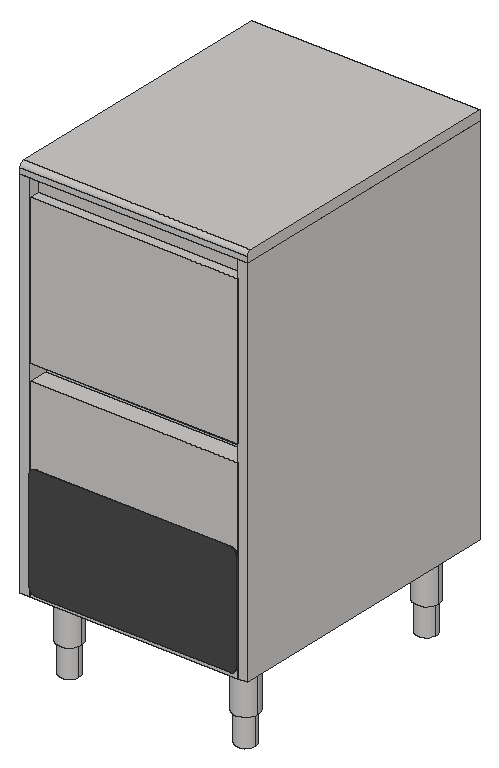
Revit family "QF_ELECTROLUXPROFESSIONAL_730327_ICC47I20SNP", category Attrezzature speciali, Revit 2018
Family settings
  Quota connettore circolare = Usa diametro
  Tipo di parte = Normale
  Basato su piano di lavoro = No
  Sempre verticale = Sì
  Taglio con vuoti quando caricato = No
  Condiviso = No
  Punto di calcolo locali = No
Parameters (values of type "Standard")
  Weight = 45.00 kg
  Watts = 0 W
  Volts = 220 V
  URL Manufacturer = "https://www.electroluxprofessional.com/"
  URL = "https://www.electroluxprofessional.com/"
  Steam Supply Size = 0 mm
  Steam Supply Minimum Pressure = 0.0 Pa
  Steam Supply Maximum Pressure = 0.0 Pa
  Steam Pounds per Hour = 0
  Show Logo [instance] = yes
  Show Clearance [instance] = yes
  Refrigeration Suction Line Size = 0 mm
  Refrigeration Liquid Line Size = 0 mm
  Refrigerant Compressor Remote = yes
  Produttore = "Electrolux Professional"
  Phase = 1
  Modello = "ICC47I20SNP"
  Length Actual = 465 mm  # constant formula
  Item Number = "730327"
  Hot Water Size = 0 mm
  Height Actual = 894 mm  # constant formula
  HP = "0 HP"
  Gas Size = 0 mm
  Gas KW = 0
  Gas Input Pressure = 0 W
  Descrizione = "AIR COOLED ICE CUBER 40GR 47KG/24H-BIN 20KG"
  Depth Actual = 595 mm  # constant formula
  Cycle = 50 Hz
  Condensate Return Size = 0 mm
  Compressed Air Volume = 0.0 L/s
  Compressed Air Size = 0 mm
  Compressed Air Pressure = 0.0 Pa
  Cold Water Size = 19.05 mm
  Accessory = yes
Reference planes
  plane 1 "Center X": y = 272.851
  plane 2: z = 0
  plane 3 "Center Y": x = -501.5
  plane 4 "LEFT": x = -734
  plane 5 "RIGHT": x = -269
  plane 6 "FRONT": y = -24.149
  plane 7 "BACK": y = 569.851
  plane 8: z = 155
  plane 9: z = 944
  plane 10: z = 924
  plane 11: x = -714
  plane 12: x = -289
  plane 13: y = 15.851
Forms (mm)
  Extrusion 1, solid, material "QF_Finishes_Black"
    sketch origin (-217.296, -24.149, 371.513) x (-1, 0, 0) y (0, 0, -1)
      loop
        arc (481.704, -21.487) -> (492.311, -17.093) -> (496.704, -6.487) r 15
        line (496.704, -6.487) -> (496.704, 194.469)
        arc (496.704, 194.469) -> (492.311, 205.075) -> (481.704, 209.469) r 15
        line (481.704, 209.469) -> (86.704, 209.469)
        arc (86.704, 209.469) -> (76.097, 205.075) -> (71.704, 194.469) r 15
        line (71.704, 194.469) -> (71.704, -6.487)
        arc (71.704, -6.487) -> (76.097, -17.093) -> (86.704, -21.487) r 15
        line (86.704, -21.487) -> (481.704, -21.487)
    from 0 to 2
  Extrusion 2, solid, material "QF_Finishes_Stainless Steel"
    sketch origin (-501.5, 0, 0) x (0, 1, 0) y (0, 0, 1)
      loop
        line (569.851, 924) -> (569.851, 944) -> (-14.149, 944)
        arc (-14.149, 944) -> (-21.22, 941.071) -> (-24.149, 934) r 10
        line (-24.149, 934) -> (-24.149, 924) -> (569.851, 924)
    from -232.5 to 232.5
  Extrusion 3, solid, material "QF_Finishes_Stainless Steel"
    sketch origin (-321.2, 569.851, -329.545) x (1, 0, 0) y (0, 0, -1)
      loop
        circle (-16.8, -655.545) r 10
    from 0 to 10
  Extrusion 4, solid, material "QF_Finishes_Stainless Steel"
    sketch origin (0, 0, 0) x (1, 0, 0) y (0, 1, 0)
      loop
        line (-734, 569.851) -> (-734, -24.149) -> (-714, -24.149) -> (-714, 569.851) -> (-734, 569.851)
    from 155 to 924
  Extrusion 5, solid, material "QF_Finishes_Stainless Steel"
    sketch origin (0, 0, 0) x (1, 0, 0) y (0, 1, 0)
      loop
        line (-289, 569.851) -> (-289, -24.149) -> (-269, -24.149) -> (-269, 569.851) -> (-289, 569.851)
    from 155 to 924
  Extrusion 6, solid, material "QF_Finishes_Stainless Steel"
    sketch origin (0, 0, 0) x (1, 0, 0) y (0, 1, 0)
      loop
        line (-714, 569.851) -> (-714, 15.851) -> (-289, 15.851) -> (-289, 569.851) -> (-714, 569.851)
    from 155 to 924
  Extrusion 7, solid, material "QF_Finishes_Stainless Steel"
    sketch origin (0, 0, 0) x (1, 0, 0) y (0, 1, 0)
      loop
        line (-714, -24.149) -> (-289, -24.149) -> (-289, 15.851) -> (-714, 15.851) -> (-714, -24.149)
    from 155 to 550.848
  Extrusion 8, solid, material "QF_Finishes_Stainless Steel"
    sketch origin (-501.5, 0, 0) x (0, 1, 0) y (0, 0, 1)
      loop
        line (15.851, 924) -> (-4.149, 924) -> (-4.149, 888) -> (-24.149, 888) -> (-24.149, 584.768) -> (-4.149, 584.768) -> (-4.149, 569) -> (15.851, 569) -> (15.851, 924)
    from -212.5 to 212.5
  Extrusion 9, solid, material "QF_Finishes_Stainless Steel"
    sketch origin (-303.2, 569.851, -440.545) x (1, 0, 0) y (0, 0, -1)
      loop
        circle (-16.8, -655.545) r 10
    from 0 to 10
  Extrusion 10, solid, material "QF_Finishes_Stainless Steel"
    sketch origin (-363.2, 569.851, -361.545) x (1, 0, 0) y (0, 0, -1)
      loop
        circle (-16.8, -655.545) r 10
    from 0 to 10
Lines and regions (mm)
  Split face 1
    outline origin (-501.5, -4.149, 924) x (0, 0, -1) y (1, 0, 0)
      loop
        line (5.715, 89.928) -> (30.715, 89.928) -> (30.715, 129.928) -> (5.715, 129.928) -> (5.715, 89.928)
  symbolic lines
    curve 1: line (-734, 569.851, 0) -> (-269, 569.851, 0)
    curve 2: line (-734, -24.149, 0) -> (-734, 569.851, 0)
    curve 3: line (-269, -24.149, 0) -> (-734, -24.149, 0)
    curve 4: line (-269, 569.851, 0) -> (-269, -24.149, 0)
Dimensions and locks
  equal spacing: plane 4 "LEFT", plane 3 "Center Y", plane 5 "RIGHT"
  plane 4 "LEFT" to plane 5 "RIGHT" = 465 mm
  equal spacing: plane 7 "BACK", plane 1 "Center X", plane 6 "FRONT"
  plane 7 "BACK" to plane 6 "FRONT" = 594 mm
  plane 8 to plane 2 = 155 mm
  plane 9 to plane 8 = 789 mm
  locked: plane 4 "LEFT" to plane 11 at 20
  locked: plane 12 to plane 5 "RIGHT" at 20
  locked: plane 9 to plane 10 at 20
  locked: plane 13 to plane 6 "FRONT" at 40
  aligned and locked: level to plane 2
  aligned and locked: plane 5 "RIGHT" to Extrusion 2
  aligned and locked: Extrusion 2 to plane 4 "LEFT"
  aligned and locked: Extrusion 4 sketch curve to Extrusion 2  (x2)
  aligned and locked: plane 6 "FRONT" to Extrusion 4 sketch curve
  aligned and locked: Extrusion 4 sketch curve to plane 11
  aligned and locked: Extrusion 5 sketch curve to plane 7 "BACK"
  aligned and locked: plane 12 to Extrusion 5 sketch curve
  aligned and locked: Extrusion 5 sketch curve to Extrusion 2  (x2)
  aligned and locked: plane 10 to Extrusion 4
  aligned and locked: plane 10 to Extrusion 5
  aligned and locked: Extrusion 4 to plane 8
  aligned and locked: Extrusion 5 to plane 8
  aligned and locked: Extrusion 6 sketch curve to Extrusion 4
  aligned and locked: Extrusion 4 to Extrusion 6 sketch curve
  aligned and locked: plane 13 to Extrusion 6 sketch curve
  aligned and locked: Extrusion 6 sketch curve to plane 12
  aligned and locked: plane 10 to Extrusion 6
  aligned and locked: Extrusion 6 to plane 8
  aligned and locked: Extrusion 4 to Extrusion 7 sketch curve
  aligned and locked: Extrusion 7 sketch curve to Extrusion 4
  aligned and locked: plane 13 to Extrusion 7 sketch curve
  aligned and locked: plane 12 to Extrusion 7 sketch curve
  aligned and locked: Extrusion 7 to plane 8
  aligned and locked: plane 12 to Extrusion 8
  aligned and locked: Extrusion 8 to plane 11
Automatic sketch dimensions
  curve 3 to plane 4 "LEFT" = 0 mm
  curve 3 to plane 5 "RIGHT" = 0 mm
  curve 3 to plane 6 "FRONT" = 0 mm
  curve 2 to plane 7 "BACK" = 0 mm
  Extrusion 1 sketch curve to plane 12 = 0 mm
  plane 8 to Extrusion 1 sketch curve = 7.044 mm
  Extrusion 1 sketch curve to Extrusion 1 sketch curve = 15 mm  (x3)
  plane 11 to Extrusion 1 sketch curve = 15 mm  (x2)
  Extrusion 1 sketch curve to Extrusion 1 sketch curve = 200.956 mm
  Extrusion 2 sketch curve to plane 6 "FRONT" = 0 mm
  Extrusion 2 sketch curve to plane 9 = 0 mm
  Extrusion 2 sketch curve to plane 7 "BACK" = 0 mm
  Extrusion 2 sketch curve to plane 10 = 0 mm
  plane 6 "FRONT" to Extrusion 2 sketch curve = 10 mm
  Extrusion 6 to Extrusion 3 sketch curve = 171 mm
  Extrusion 3 sketch curve to Extrusion 6 = 49 mm
  Extrusion 8 sketch curve to plane 6 "FRONT" = 0 mm
  Extrusion 8 sketch curve to plane 10 = 0 mm
  Extrusion 8 sketch curve to plane 13 = 0 mm
  plane 6 "FRONT" to Extrusion 8 sketch curve = 20 mm  (x2)
  Extrusion 8 sketch curve to plane 10 = 36 mm
  Extrusion 8 sketch curve to Extrusion 8 sketch curve = 303.232 mm
  Extrusion 8 sketch curve to Extrusion 8 sketch curve = 15.768 mm
  Split face 1 sketch curve to Extrusion 8 = 5.715 mm
  Extrusion 8 to Split face 1 sketch curve = 5.285 mm
  Split face 1 sketch curve to Extrusion 8 = 122.572 mm
  Split face 1 sketch curve to Split face 1 sketch curve = 40 mm
  Extrusion 9 sketch curve to Extrusion 6 = 31 mm
  Extrusion 6 to Extrusion 9 sketch curve = 60 mm
  Extrusion 10 sketch curve to Extrusion 6 = 91 mm
  Extrusion 6 to Extrusion 10 sketch curve = 139 mm
  radius of Extrusion 3 sketch curve = 10 mm
  radius of Extrusion 9 sketch curve = 10 mm
  radius of Extrusion 10 sketch curve = 10 mm
Nested families
  nested 1: "Foot_Complete" at (-682, 36.851, 0), type "Foot_Complete"
    with H 155 mm
  nested 2: "Foot_Complete" at (-321, 36.851, 0) x (-1, 0, 0) z (0, 0, 1), type "Foot_Complete"
    with H 155 mm
  nested 3: "Foot_Complete" at (-682, 498.851, 0), type "Foot_Complete"
    with H 155 mm
  nested 4: "Foot_Complete" at (-321, 498.851, 0) x (-1, 0, 0) z (0, 0, 1), type "Foot_Complete"
    with H 155 mm
Connectors
  electrical at (-320, 579.851, 215), driven by "Volts"
    settings: on Extrusion 9, index 1, voltage 220 V, apparent load 0 VA, apparent load phase1 0 VA, apparent load phase2 0 VA, apparent load phase3 0 VA, power factor 1, load classification "Altro", number of poles 1, system type 30, power factor state 1, is connector primary yes, connector utility no, sub classification motor no, connector description "Electrical Connection"
  piping at (-338, 579.851, 326), diameter 20
    settings: on Extrusion 3, index 2, connector inside diameter 609.6 mm, connector length 0 mm, flow factor 0, pipe flow 0.0 L/s, pressure drop 0.0 Pa, fitting loss kfactor 0, connector angle 0.00°, fixture units 0, engagement length 0 mm, angle of deflection 0.00°, flow configuration 0, flow direction 0, fitting loss method 0, system type 20, joint type 0, gender type 0, connector reference index -1, connector utility 0, adjustable connector no, is connector primary yes, connector description "Cold water"
  piping at (-380, 579.851, 294), diameter 20
    settings: on Extrusion 10, index 3, connector inside diameter 609.6 mm, connector length 0 mm, flow factor 0, pipe flow 0.0 L/s, pressure drop 0.0 Pa, fitting loss kfactor 0, connector angle 0.00°, fixture units 0, engagement length 0 mm, angle of deflection 0.00°, flow configuration 0, flow direction 0, fitting loss method 0, system type 16, joint type 0, gender type 0, connector reference index -1, connector utility 0, adjustable connector no, is connector primary no, connector description "Drain"
Definition of nested family "Foot_Complete"
  Parameters (values of type "Foot_Complete")
    R = 25 mm
    H = 153 mm
  Reference planes
    plane 1 "Centro (Fronte/Retro)": y = 0
    plane 2: z = 0
    plane 3 "Centro (Sinistra/Destra)": x = 0
    plane 4: z = 153
  Forms (mm)
    Revolve 1, solid
      sketch origin (255.05, 0, 608.09) x (0, 0, 1) y (-1, 0, 0)
        loop
          line (-608.09, 255.05) -> (-608.09, 235.05) -> (-548.09, 235.05) -> (-548.09, 230.05) -> (-455.09, 230.05) -> (-455.09, 255.05) -> (-608.09, 255.05)
        axis (-608.09, 255.05) -> (-455.09, 255.05)
      angle from 0 to 360
  Dimensions and locks
    level to Revolve 1 sketch curve = 60 mm
    "R": Revolve 1 sketch curve to plane 3 "Centro (Sinistra/Destra)"
    "H": plane 4 to level
    aligned and locked: level to plane 2
    aligned and locked: plane 4 to Revolve 1 sketch curve
    aligned and locked: Revolve 1 sketch curve to level
    aligned and locked: plane 3 "Centro (Sinistra/Destra)" to Revolve 1 sketch curve
  Automatic sketch dimensions
    Revolve 1 sketch curve to plane 3 "Centro (Sinistra/Destra)" = 0 mm
    plane 3 "Centro (Sinistra/Destra)" to Revolve 1 sketch curve = 20 mm
    Revolve 1 sketch curve to Revolve 1 sketch curve = 50 mm
    Revolve 1 sketch curve to Revolve 1 sketch curve = 20 mm
